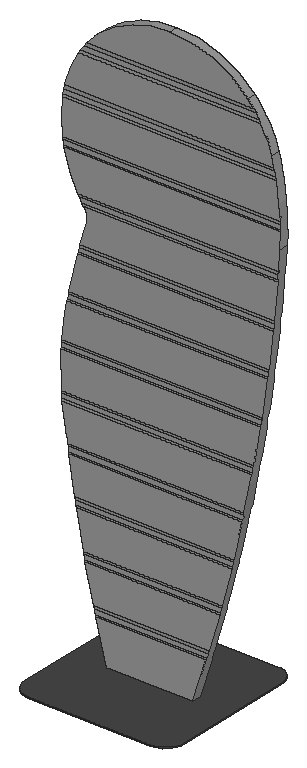
Revit family "Haworth_BuzziPlant_Doldi_AP_PRELIMINARY", category Furniture, Revit 2018
Family settings
  OmniClass Number = 23.40.70.14.64.21
  OmniClass Title = Systems Furniture
  Work Plane-Based = No
  Always vertical = Yes
  Cut with Voids When Loaded = No
  Shared = No
  Room Calculation Point = No
Parameters (values of type "Doldi")
  Warranty = "http://www.haworth.com/resources/product-info/warranties"
  Upholstery Finish [instance] = Haworth _ Fabric _ Undecided _ Screen
  Upholstery Depth = 27 mm  # constant formula
  URL - Product = "https://www.haworth.com/ap/en/products/office-partitions/buzziplant.html"
  URL = "https://www.haworth.com/ap/en.html"
  Size = "Verify Final Dim. w/ Haworth"  # constant formula
  Revision Number = "1"  # constant formula
  Model = "Buzzi Plant"  # constant formula
  Manufacturer = "Haworth"  # constant formula
  Description = "Haworth - BuzziPlant - Doldi"  # constant formula
  Base Finish [instance] = Haworth _ Paint _ Black BTR-9005
  Author = "Haworth (Abd Rahman)"  # constant formula
  Assembly Code = "E2020200"
  Actual Width = 680 mm  # constant formula
  Actual Height = 1792.982 mm  # constant formula
  Actual Depth = 490 mm  # constant formula
Reference planes
  plane 1 "Center F/B": y = 44.45
  plane 2: z = 0
  plane 3 "Back": y = 289.421
  plane 4 "Front": y = -200.521
  plane 5 "Top": z = 1792.982
  plane 6 "Right": x = 1080.528
  plane 7 "Left": x = 400.581
  plane 8: x = 740.554
  plane 9 "Front Surface": y = 30.988
  plane 10 "Back Surface": y = 57.912
  plane 11 "Base Top": z = 3
Forms (mm)
  Extrusion 1, solid, material "Haworth _ Paint _ Black BTR-9005" <- "Base Finish"
    sketch origin (0, 0, 0) x (1, 0, 0) y (0, 1, 0)
      loop
        arc (862.452, -200.521) -> (905.078, -182.864) -> (922.735, -140.238) r 60.283
        line (922.735, -140.238) -> (922.735, 229.096)
        arc (922.735, 229.096) -> (905.066, 271.752) -> (862.41, 289.421) r 60.325
        line (862.41, 289.421) -> (493.06, 289.421)
        arc (493.06, 289.421) -> (450.404, 271.752) -> (432.735, 229.096) r 60.325
        line (432.735, 229.096) -> (432.735, -140.196)
        arc (432.735, -140.196) -> (450.404, -182.852) -> (493.06, -200.521) r 60.325
        line (493.06, -200.521) -> (862.452, -200.521)
    from 0 to 3
  Extrusion 2, solid, material "Haworth _ Fabric _ Undecided _ Screen" <- "Upholstery Finish"
    sketch origin (0, 44.45, 0) x (1, 0, 0) y (0, 0, 1)
      loop
        arc (808.743, 3) -> (985.993, 662.251) -> (1077.699, 1338.727) r 5340.572
        arc (1077.699, 1338.727) -> (1075.974, 1465.7) -> (1052.947, 1590.579) r 753.391
        arc (1052.947, 1590.579) -> (1024.388, 1660.018) -> (979.721, 1720.369) r 304.8
        arc (979.721, 1720.369) -> (870.663, 1796.056) -> (740.554, 1822.4) r 328.485
        arc (740.554, 1822.4) -> (533.892, 1749.81) -> (416.649, 1564.789) r 333.988
        arc (416.649, 1564.789) -> (412.644, 1399.901) -> (475.132, 1247.259) r 402.354
        arc (475.132, 1247.259) -> (484.364, 1223.413) -> (482.272, 1197.928) r 57.15
        arc (482.272, 1197.928) -> (445.25, 1066.516) -> (416.947, 932.955) r 2075.624
        arc (416.947, 932.955) -> (403.649, 774.411) -> (419.661, 616.118) r 863.6
        arc (419.661, 616.118) -> (420.269, 613.037) -> (420.888, 609.959) r 874.018
        arc (420.888, 609.959) -> (422.873, 599.189) -> (424.47, 588.355) r 304.8
        arc (424.47, 588.355) -> (474.261, 293.303) -> (546.777, 3) r 3856.723
        line (546.777, 3) -> (808.743, 3)
    from -13.462 to 13.462
  Extrusion 3, void
    sketch origin (1080.528, 0, 0) x (0, 1, 0) y (0, 0, 1)
      loop
        line (64.955, 1589.497) -> (64.955, 1784.594) -> (56.228, 1690.328)
        arc (56.228, 1690.328) -> (55.904, 1683.001) -> (56.286, 1675.677) r 76.2
        line (56.286, 1675.677) -> (64.955, 1589.497)
    from -808.437 to 304.8
  Extrusion 4, void
    sketch origin (1080.528, 88.9, 0) x (0, -1, 0) y (0, 0, -1)
      loop
        line (65.671, -1589.497) -> (57.002, -1675.677)
        arc (57.002, -1675.677) -> (56.62, -1683.001) -> (56.944, -1690.328) r 76.2
        line (56.944, -1690.328) -> (65.671, -1784.594) -> (65.671, -1589.497)
    from -808.437 to 304.8
  Extrusion 5, void
    sketch origin (1080.528, 0, -139.7) x (0, 1, 0) y (0, 0, 1)
      loop
        line (64.955, 1589.497) -> (64.955, 1784.594) -> (56.228, 1690.328)
        arc (56.228, 1690.328) -> (55.904, 1683.001) -> (56.286, 1675.677) r 76.2
        line (56.286, 1675.677) -> (64.955, 1589.497)
    from -808.437 to 304.8
  Extrusion 6, void
    sketch origin (1080.528, 88.9, -139.7) x (0, -1, 0) y (0, 0, -1)
      loop
        line (65.671, -1589.497) -> (57.002, -1675.677)
        arc (57.002, -1675.677) -> (56.62, -1683.001) -> (56.944, -1690.328) r 76.2
        line (56.944, -1690.328) -> (65.671, -1784.594) -> (65.671, -1589.497)
    from -808.437 to 304.8
  Extrusion 7, void
    sketch origin (1080.528, -0.355, -280.001) x (0, 1, 0) y (0, 0, 1)
      loop
        line (64.955, 1589.497) -> (64.955, 1784.594) -> (56.228, 1690.328)
        arc (56.228, 1690.328) -> (55.904, 1683.001) -> (56.286, 1675.677) r 76.2
        line (56.286, 1675.677) -> (64.955, 1589.497)
    from -808.437 to 304.8
  Extrusion 8, void
    sketch origin (1080.528, 88.545, -280.001) x (0, -1, 0) y (0, 0, -1)
      loop
        line (65.671, -1589.497) -> (57.002, -1675.677)
        arc (57.002, -1675.677) -> (56.62, -1683.001) -> (56.944, -1690.328) r 76.2
        line (56.944, -1690.328) -> (65.671, -1784.594) -> (65.671, -1589.497)
    from -808.437 to 304.8
  Extrusion 9, void
    sketch origin (1080.528, -0.355, -420.001) x (0, 1, 0) y (0, 0, 1)
      loop
        line (64.955, 1589.497) -> (64.955, 1784.594) -> (56.228, 1690.328)
        arc (56.228, 1690.328) -> (55.904, 1683.001) -> (56.286, 1675.677) r 76.2
        line (56.286, 1675.677) -> (64.955, 1589.497)
    from -808.437 to 304.8
  Extrusion 10, void
    sketch origin (1080.528, 88.545, -420.001) x (0, -1, 0) y (0, 0, -1)
      loop
        line (65.671, -1589.497) -> (57.002, -1675.677)
        arc (57.002, -1675.677) -> (56.62, -1683.001) -> (56.944, -1690.328) r 76.2
        line (56.944, -1690.328) -> (65.671, -1784.594) -> (65.671, -1589.497)
    from -808.437 to 304.8
  Extrusion 11, void
    sketch origin (1080.528, -0.355, -560.001) x (0, 1, 0) y (0, 0, 1)
      loop
        line (64.955, 1589.497) -> (64.955, 1784.594) -> (56.228, 1690.328)
        arc (56.228, 1690.328) -> (55.904, 1683.001) -> (56.286, 1675.677) r 76.2
        line (56.286, 1675.677) -> (64.955, 1589.497)
    from -808.437 to 304.8
  Extrusion 12, void
    sketch origin (1080.528, 88.545, -560.001) x (0, -1, 0) y (0, 0, -1)
      loop
        line (65.671, -1589.497) -> (57.002, -1675.677)
        arc (57.002, -1675.677) -> (56.62, -1683.001) -> (56.944, -1690.328) r 76.2
        line (56.944, -1690.328) -> (65.671, -1784.594) -> (65.671, -1589.497)
    from -808.437 to 304.8
  Extrusion 13, void
    sketch origin (1080.528, -0.355, -700.001) x (0, 1, 0) y (0, 0, 1)
      loop
        line (64.955, 1589.497) -> (64.955, 1784.594) -> (56.228, 1690.328)
        arc (56.228, 1690.328) -> (55.904, 1683.001) -> (56.286, 1675.677) r 76.2
        line (56.286, 1675.677) -> (64.955, 1589.497)
    from -808.437 to 304.8
  Extrusion 14, void
    sketch origin (1080.528, 88.545, -700.001) x (0, -1, 0) y (0, 0, -1)
      loop
        line (65.671, -1589.497) -> (57.002, -1675.677)
        arc (57.002, -1675.677) -> (56.62, -1683.001) -> (56.944, -1690.328) r 76.2
        line (56.944, -1690.328) -> (65.671, -1784.594) -> (65.671, -1589.497)
    from -808.437 to 304.8
  Extrusion 15, void
    sketch origin (1080.528, -0.355, -840.001) x (0, 1, 0) y (0, 0, 1)
      loop
        line (64.955, 1589.497) -> (64.955, 1784.594) -> (56.228, 1690.328)
        arc (56.228, 1690.328) -> (55.904, 1683.001) -> (56.286, 1675.677) r 76.2
        line (56.286, 1675.677) -> (64.955, 1589.497)
    from -808.437 to 304.8
  Extrusion 16, void
    sketch origin (1080.528, 88.545, -840.001) x (0, -1, 0) y (0, 0, -1)
      loop
        line (65.671, -1589.497) -> (57.002, -1675.677)
        arc (57.002, -1675.677) -> (56.62, -1683.001) -> (56.944, -1690.328) r 76.2
        line (56.944, -1690.328) -> (65.671, -1784.594) -> (65.671, -1589.497)
    from -808.437 to 304.8
  Extrusion 17, void
    sketch origin (1080.528, -0.351, -980.001) x (0, 1, 0) y (0, 0, 1)
      loop
        line (64.955, 1589.497) -> (64.955, 1784.594) -> (56.228, 1690.328)
        arc (56.228, 1690.328) -> (55.904, 1683.001) -> (56.286, 1675.677) r 76.2
        line (56.286, 1675.677) -> (64.955, 1589.497)
    from -808.437 to 304.8
  Extrusion 18, void
    sketch origin (1080.528, 88.549, -980.001) x (0, -1, 0) y (0, 0, -1)
      loop
        line (65.671, -1589.497) -> (57.002, -1675.677)
        arc (57.002, -1675.677) -> (56.62, -1683.001) -> (56.944, -1690.328) r 76.2
        line (56.944, -1690.328) -> (65.671, -1784.594) -> (65.671, -1589.497)
    from -808.437 to 304.8
  Extrusion 19, void
    sketch origin (1080.528, -0.355, -1120.001) x (0, 1, 0) y (0, 0, 1)
      loop
        line (64.955, 1589.497) -> (64.955, 1784.594) -> (56.228, 1690.328)
        arc (56.228, 1690.328) -> (55.904, 1683.001) -> (56.286, 1675.677) r 76.2
        line (56.286, 1675.677) -> (64.955, 1589.497)
    from -808.437 to 304.8
  Extrusion 20, void
    sketch origin (1080.528, 88.545, -1120.001) x (0, -1, 0) y (0, 0, -1)
      loop
        line (65.671, -1589.497) -> (57.002, -1675.677)
        arc (57.002, -1675.677) -> (56.62, -1683.001) -> (56.944, -1690.328) r 76.2
        line (56.944, -1690.328) -> (65.671, -1784.594) -> (65.671, -1589.497)
    from -808.437 to 304.8
  Extrusion 21, void
    sketch origin (1080.528, -0.355, -1260.001) x (0, 1, 0) y (0, 0, 1)
      loop
        line (64.955, 1589.497) -> (64.955, 1784.594) -> (56.228, 1690.328)
        arc (56.228, 1690.328) -> (55.904, 1683.001) -> (56.286, 1675.677) r 76.2
        line (56.286, 1675.677) -> (64.955, 1589.497)
    from -808.437 to 304.8
  Extrusion 22, void
    sketch origin (1080.528, 88.545, -1260.001) x (0, -1, 0) y (0, 0, -1)
      loop
        line (65.671, -1589.497) -> (57.002, -1675.677)
        arc (57.002, -1675.677) -> (56.62, -1683.001) -> (56.944, -1690.328) r 76.2
        line (56.944, -1690.328) -> (65.671, -1784.594) -> (65.671, -1589.497)
    from -808.437 to 304.8
  Extrusion 23, void
    sketch origin (1080.528, -0.355, -1400.001) x (0, 1, 0) y (0, 0, 1)
      loop
        line (64.955, 1589.497) -> (64.955, 1784.594) -> (56.228, 1690.328)
        arc (56.228, 1690.328) -> (55.904, 1683.001) -> (56.286, 1675.677) r 76.2
        line (56.286, 1675.677) -> (64.955, 1589.497)
    from -808.437 to 304.8
  Extrusion 24, void
    sketch origin (1080.528, 88.545, -1400.001) x (0, -1, 0) y (0, 0, -1)
      loop
        line (65.671, -1589.497) -> (57.002, -1675.677)
        arc (57.002, -1675.677) -> (56.62, -1683.001) -> (56.944, -1690.328) r 76.2
        line (56.944, -1690.328) -> (65.671, -1784.594) -> (65.671, -1589.497)
    from -808.437 to 304.8
  Extrusion 25, void
    sketch origin (1080.528, -0.355, -1540.001) x (0, 1, 0) y (0, 0, 1)
      loop
        line (64.955, 1589.497) -> (64.955, 1784.594) -> (56.228, 1690.328)
        arc (56.228, 1690.328) -> (55.904, 1683.001) -> (56.286, 1675.677) r 76.2
        line (56.286, 1675.677) -> (64.955, 1589.497)
    from -808.437 to 304.8
  Extrusion 26, void
    sketch origin (1080.528, 88.545, -1540.001) x (0, -1, 0) y (0, 0, -1)
      loop
        line (65.671, -1589.497) -> (57.002, -1675.677)
        arc (57.002, -1675.677) -> (56.62, -1683.001) -> (56.944, -1690.328) r 76.2
        line (56.944, -1690.328) -> (65.671, -1784.594) -> (65.671, -1589.497)
    from -808.437 to 304.8
Cuts and joins
  Extrusion 3, Extrusion 4, Extrusion 5, Extrusion 6, Extrusion 7, Extrusion 8, Extrusion 9, Extrusion 10, Extrusion 11, Extrusion 12, Extrusion 13, Extrusion 14, Extrusion 15, Extrusion 16, Extrusion 17, Extrusion 18, Extrusion 19, Extrusion 20, Extrusion 21, Extrusion 22, Extrusion 23, Extrusion 24, Extrusion 25, Extrusion 26 cuts Extrusion 2
Lines and regions (mm)
  Masking region 1
    outline origin (0, 0, 0) x (1, 0, 0) y (0, 1, 0)
      loop
        line (922.735, -140.238) -> (922.735, 30.988) -> (1080.528, 30.988) -> (1080.528, 57.912) -> (922.735, 57.912) -> (922.735, 229.096)
        arc (922.735, 229.096) -> (905.066, 271.752) -> (862.41, 289.421) r 60.325
        line (862.41, 289.421) -> (493.06, 289.421)
        arc (493.06, 289.421) -> (450.404, 271.752) -> (432.735, 229.096) r 60.325
        line (432.735, 229.096) -> (432.735, 57.912) -> (400.581, 57.912) -> (400.581, 30.988) -> (432.735, 30.988) -> (432.735, -140.196)
        arc (432.735, -140.196) -> (450.404, -182.852) -> (493.06, -200.521) r 60.325
        line (493.06, -200.521) -> (862.452, -200.521)
        arc (862.452, -200.521) -> (905.078, -182.864) -> (922.735, -140.238) r 60.283
  symbolic lines
    curve 1: line (922.735, 57.912, 0) -> (432.735, 57.912, 0)
    curve 2: line (432.735, 30.988, 0) -> (922.735, 30.988, 0)
Dimensions and locks
  "Actual Width": plane 7 "Left" to plane 6 "Right"
  "Actual Depth": plane 4 "Front" to plane 3 "Back"
  equal spacing: plane 4 "Front", plane 1 "Center F/B", plane 3 "Back"
  "Actual Height": plane 5 "Top" to level
  equal spacing: plane 7 "Left", plane 8, plane 6 "Right"
  plane 10 "Back Surface" to plane 9 "Front Surface" = 26.924 mm
  aligned and locked: Extrusion 1 sketch curve to plane 3 "Back"
  aligned and locked: Extrusion 1 sketch curve to plane 4 "Front"
  aligned and locked: Extrusion 1 to plane 2
  aligned and locked: plane 11 "Base Top" to Extrusion 1
  aligned and locked: plane 10 "Back Surface" to Extrusion 2
  aligned and locked: Extrusion 2 to plane 9 "Front Surface"
Automatic sketch dimensions
  Extrusion 1 sketch curve to plane 7 "Left" = 32.154 mm
  Extrusion 1 sketch curve to Extrusion 1 sketch curve = 60.325 mm  (x2)
  Extrusion 1 sketch curve to plane 3 "Back" = 60.325 mm
  Extrusion 1 sketch curve to plane 8 = 121.855 mm
  Extrusion 1 sketch curve to plane 4 "Front" = 60.283 mm
  Extrusion 2 sketch curve to plane 11 "Base Top" = 0 mm
  plane 8 to Extrusion 2 sketch curve = 0 mm  (x2)
  Extrusion 2 sketch curve to plane 7 "Left" = 146.195 mm
  Extrusion 2 sketch curve to plane 7 "Left" = 27.222 mm
  plane 7 "Left" to Extrusion 2 sketch curve = 74.386 mm
  plane 7 "Left" to Extrusion 2 sketch curve = 278.404 mm
  Extrusion 2 sketch curve to plane 5 "Top" = 76.533 mm
  Extrusion 2 sketch curve to Extrusion 2 sketch curve = 4371.676 mm
  Extrusion 2 sketch curve to plane 8 = 1.212 mm
  Extrusion 2 sketch curve to plane 8 = 1.233 mm
  Extrusion 2 sketch curve to plane 8 = 18.37 mm
  Extrusion 2 sketch curve to Extrusion 2 sketch curve = 49.417 mm
  Extrusion 2 sketch curve to plane 8 = 68.188 mm
  plane 6 "Right" to Extrusion 2 sketch curve = 186.69 mm
  Extrusion 2 sketch curve to Extrusion 2 sketch curve = 10.224 mm
  plane 11 "Base Top" to Extrusion 2 sketch curve = 566.677 mm
  Extrusion 2 sketch curve to Extrusion 2 sketch curve = 1183.091 mm
  Extrusion 2 sketch curve to plane 5 "Top" = 710.871 mm
  Extrusion 2 sketch curve to Extrusion 2 sketch curve = 1788.922 mm
  plane 11 "Base Top" to Extrusion 2 sketch curve = 546.333 mm
  level to Extrusion 2 sketch curve = 781.807 mm
  Extrusion 2 sketch curve to Extrusion 2 sketch curve = 1.999 mm
  Extrusion 2 sketch curve to plane 5 "Top" = 577.756 mm
  Extrusion 2 sketch curve to Extrusion 2 sketch curve = 176.786 mm
  Extrusion 2 sketch curve to Extrusion 2 sketch curve = 134.053 mm
  Extrusion 2 sketch curve to Extrusion 2 sketch curve = 15.634 mm
  Extrusion 2 sketch curve to Extrusion 2 sketch curve = 5.502 mm
  Extrusion 2 sketch curve to Extrusion 2 sketch curve = 16.328 mm
  Extrusion 2 sketch curve to Extrusion 2 sketch curve = 54.469 mm
  Extrusion 2 sketch curve to Extrusion 2 sketch curve = 0 mm  (x7)
  Extrusion 3 sketch curve to plane 10 "Back Surface" = 1.684 mm
  Extrusion 3 sketch curve to plane 10 "Back Surface" = 1.626 mm
  plane 10 "Back Surface" to Extrusion 3 sketch curve = 7.043 mm
  plane 10 "Back Surface" to Extrusion 3 sketch curve = 74.191 mm
  Extrusion 3 sketch curve to plane 5 "Top" = 203.485 mm
  Extrusion 3 sketch curve to Extrusion 3 sketch curve = 86.18 mm
  Extrusion 3 sketch curve to Extrusion 3 sketch curve = 7.626 mm
  Extrusion 3 sketch curve to plane 5 "Top" = 8.388 mm
  Extrusion 4 sketch curve to plane 9 "Front Surface" = 0.968 mm
  Extrusion 4 sketch curve to plane 9 "Front Surface" = 0.91 mm
  plane 9 "Front Surface" to Extrusion 4 sketch curve = 7.759 mm
  plane 9 "Front Surface" to Extrusion 4 sketch curve = 74.907 mm
  plane 5 "Top" to Extrusion 4 sketch curve = 203.485 mm
  Extrusion 4 sketch curve to Extrusion 4 sketch curve = 86.18 mm
  Extrusion 4 sketch curve to Extrusion 4 sketch curve = 7.626 mm
  plane 5 "Top" to Extrusion 4 sketch curve = 8.388 mm
  Extrusion 5 sketch curve to plane 10 "Back Surface" = 1.684 mm
  Extrusion 5 sketch curve to plane 10 "Back Surface" = 1.626 mm
  plane 10 "Back Surface" to Extrusion 5 sketch curve = 7.043 mm
  plane 10 "Back Surface" to Extrusion 5 sketch curve = 74.191 mm
  Extrusion 5 sketch curve to plane 5 "Top" = 343.185 mm
  Extrusion 5 sketch curve to Extrusion 5 sketch curve = 86.18 mm
  Extrusion 5 sketch curve to Extrusion 5 sketch curve = 7.626 mm
  Extrusion 5 sketch curve to Extrusion 5 sketch curve = 94.266 mm
  Extrusion 6 sketch curve to plane 9 "Front Surface" = 0.968 mm
  Extrusion 6 sketch curve to plane 9 "Front Surface" = 0.91 mm
  plane 9 "Front Surface" to Extrusion 6 sketch curve = 7.759 mm
  plane 9 "Front Surface" to Extrusion 6 sketch curve = 74.907 mm
  plane 5 "Top" to Extrusion 6 sketch curve = 343.185 mm
  Extrusion 6 sketch curve to Extrusion 6 sketch curve = 86.18 mm
  Extrusion 6 sketch curve to Extrusion 6 sketch curve = 7.626 mm
  Extrusion 6 sketch curve to Extrusion 6 sketch curve = 94.266 mm
  Extrusion 7 sketch curve to plane 10 "Back Surface" = 2.039 mm
  Extrusion 7 sketch curve to plane 10 "Back Surface" = 1.981 mm
  plane 10 "Back Surface" to Extrusion 7 sketch curve = 6.688 mm
  plane 10 "Back Surface" to Extrusion 7 sketch curve = 73.837 mm
  Extrusion 7 sketch curve to plane 5 "Top" = 483.486 mm
  Extrusion 7 sketch curve to Extrusion 7 sketch curve = 86.18 mm
  Extrusion 7 sketch curve to Extrusion 7 sketch curve = 7.626 mm
  Extrusion 7 sketch curve to Extrusion 7 sketch curve = 94.266 mm
  Extrusion 8 sketch curve to plane 9 "Front Surface" = 0.614 mm
  Extrusion 8 sketch curve to plane 9 "Front Surface" = 0.556 mm
  plane 9 "Front Surface" to Extrusion 8 sketch curve = 8.113 mm
  plane 9 "Front Surface" to Extrusion 8 sketch curve = 75.262 mm
  plane 5 "Top" to Extrusion 8 sketch curve = 483.486 mm
  Extrusion 8 sketch curve to Extrusion 8 sketch curve = 86.18 mm
  Extrusion 8 sketch curve to Extrusion 8 sketch curve = 7.626 mm
  Extrusion 8 sketch curve to Extrusion 8 sketch curve = 94.266 mm
  Extrusion 9 sketch curve to plane 10 "Back Surface" = 2.039 mm
  Extrusion 9 sketch curve to plane 10 "Back Surface" = 1.981 mm
  plane 10 "Back Surface" to Extrusion 9 sketch curve = 6.688 mm
  plane 10 "Back Surface" to Extrusion 9 sketch curve = 73.837 mm
  Extrusion 9 sketch curve to plane 5 "Top" = 623.487 mm
  Extrusion 9 sketch curve to Extrusion 9 sketch curve = 86.18 mm
  Extrusion 9 sketch curve to Extrusion 9 sketch curve = 7.626 mm
  Extrusion 9 sketch curve to Extrusion 9 sketch curve = 94.266 mm
  Extrusion 10 sketch curve to plane 9 "Front Surface" = 0.614 mm
  Extrusion 10 sketch curve to plane 9 "Front Surface" = 0.556 mm
  plane 9 "Front Surface" to Extrusion 10 sketch curve = 8.113 mm
  plane 9 "Front Surface" to Extrusion 10 sketch curve = 75.262 mm
  plane 5 "Top" to Extrusion 10 sketch curve = 623.487 mm
  Extrusion 10 sketch curve to Extrusion 10 sketch curve = 86.18 mm
  Extrusion 10 sketch curve to Extrusion 10 sketch curve = 7.626 mm
  Extrusion 10 sketch curve to Extrusion 10 sketch curve = 94.266 mm
  Extrusion 11 sketch curve to plane 10 "Back Surface" = 2.039 mm
  Extrusion 11 sketch curve to plane 10 "Back Surface" = 1.981 mm
  plane 10 "Back Surface" to Extrusion 11 sketch curve = 6.688 mm
  plane 10 "Back Surface" to Extrusion 11 sketch curve = 73.837 mm
  Extrusion 11 sketch curve to plane 5 "Top" = 763.486 mm
  Extrusion 11 sketch curve to Extrusion 11 sketch curve = 86.18 mm
  Extrusion 11 sketch curve to Extrusion 11 sketch curve = 7.626 mm
  Extrusion 11 sketch curve to Extrusion 11 sketch curve = 94.266 mm
  Extrusion 12 sketch curve to plane 9 "Front Surface" = 0.614 mm
  Extrusion 12 sketch curve to plane 9 "Front Surface" = 0.556 mm
  plane 9 "Front Surface" to Extrusion 12 sketch curve = 8.113 mm
  plane 9 "Front Surface" to Extrusion 12 sketch curve = 75.262 mm
  plane 5 "Top" to Extrusion 12 sketch curve = 763.486 mm
  Extrusion 12 sketch curve to Extrusion 12 sketch curve = 86.18 mm
  Extrusion 12 sketch curve to Extrusion 12 sketch curve = 7.626 mm
  Extrusion 12 sketch curve to Extrusion 12 sketch curve = 94.266 mm
  Extrusion 13 sketch curve to plane 10 "Back Surface" = 2.039 mm
  Extrusion 13 sketch curve to plane 10 "Back Surface" = 1.981 mm
  plane 10 "Back Surface" to Extrusion 13 sketch curve = 6.688 mm
  plane 10 "Back Surface" to Extrusion 13 sketch curve = 73.837 mm
  plane 11 "Base Top" to Extrusion 13 sketch curve = 886.496 mm
  Extrusion 13 sketch curve to Extrusion 13 sketch curve = 86.18 mm
  Extrusion 13 sketch curve to Extrusion 13 sketch curve = 7.626 mm
  Extrusion 13 sketch curve to Extrusion 13 sketch curve = 94.266 mm
  Extrusion 14 sketch curve to plane 9 "Front Surface" = 0.614 mm
  Extrusion 14 sketch curve to plane 9 "Front Surface" = 0.556 mm
  plane 9 "Front Surface" to Extrusion 14 sketch curve = 8.113 mm
  plane 9 "Front Surface" to Extrusion 14 sketch curve = 75.262 mm
  Extrusion 14 sketch curve to plane 11 "Base Top" = 886.496 mm
  Extrusion 14 sketch curve to Extrusion 14 sketch curve = 86.18 mm
  Extrusion 14 sketch curve to Extrusion 14 sketch curve = 7.626 mm
  Extrusion 14 sketch curve to Extrusion 14 sketch curve = 94.266 mm
  Extrusion 15 sketch curve to plane 10 "Back Surface" = 2.039 mm
  Extrusion 15 sketch curve to plane 10 "Back Surface" = 1.981 mm
  plane 10 "Back Surface" to Extrusion 15 sketch curve = 6.688 mm
  plane 10 "Back Surface" to Extrusion 15 sketch curve = 73.837 mm
  plane 11 "Base Top" to Extrusion 15 sketch curve = 746.496 mm
  Extrusion 15 sketch curve to Extrusion 15 sketch curve = 86.18 mm
  Extrusion 15 sketch curve to Extrusion 15 sketch curve = 7.626 mm
  Extrusion 15 sketch curve to Extrusion 15 sketch curve = 94.266 mm
  Extrusion 16 sketch curve to plane 9 "Front Surface" = 0.614 mm
  Extrusion 16 sketch curve to plane 9 "Front Surface" = 0.556 mm
  plane 9 "Front Surface" to Extrusion 16 sketch curve = 8.113 mm
  plane 9 "Front Surface" to Extrusion 16 sketch curve = 75.262 mm
  Extrusion 16 sketch curve to plane 11 "Base Top" = 746.496 mm
  Extrusion 16 sketch curve to Extrusion 16 sketch curve = 86.18 mm
  Extrusion 16 sketch curve to Extrusion 16 sketch curve = 7.626 mm
  Extrusion 16 sketch curve to Extrusion 16 sketch curve = 94.266 mm
  Extrusion 17 sketch curve to plane 10 "Back Surface" = 2.035 mm
  Extrusion 17 sketch curve to plane 10 "Back Surface" = 1.977 mm
  plane 10 "Back Surface" to Extrusion 17 sketch curve = 6.692 mm
  plane 10 "Back Surface" to Extrusion 17 sketch curve = 73.841 mm
  plane 11 "Base Top" to Extrusion 17 sketch curve = 606.496 mm
  Extrusion 17 sketch curve to Extrusion 17 sketch curve = 86.18 mm
  Extrusion 17 sketch curve to Extrusion 17 sketch curve = 7.626 mm
  Extrusion 17 sketch curve to Extrusion 17 sketch curve = 94.266 mm
  Extrusion 18 sketch curve to plane 9 "Front Surface" = 0.618 mm
  Extrusion 18 sketch curve to plane 9 "Front Surface" = 0.56 mm
  plane 9 "Front Surface" to Extrusion 18 sketch curve = 8.109 mm
  plane 9 "Front Surface" to Extrusion 18 sketch curve = 75.258 mm
  Extrusion 18 sketch curve to plane 11 "Base Top" = 606.496 mm
  Extrusion 18 sketch curve to Extrusion 18 sketch curve = 86.18 mm
  Extrusion 18 sketch curve to Extrusion 18 sketch curve = 7.626 mm
  Extrusion 18 sketch curve to Extrusion 18 sketch curve = 94.266 mm
  Extrusion 19 sketch curve to plane 10 "Back Surface" = 2.039 mm
  Extrusion 19 sketch curve to plane 10 "Back Surface" = 1.981 mm
  plane 10 "Back Surface" to Extrusion 19 sketch curve = 6.688 mm
  plane 10 "Back Surface" to Extrusion 19 sketch curve = 73.837 mm
  plane 11 "Base Top" to Extrusion 19 sketch curve = 466.496 mm
  Extrusion 19 sketch curve to Extrusion 19 sketch curve = 86.18 mm
  Extrusion 19 sketch curve to Extrusion 19 sketch curve = 7.626 mm
  Extrusion 19 sketch curve to Extrusion 19 sketch curve = 94.266 mm
  Extrusion 20 sketch curve to plane 9 "Front Surface" = 0.614 mm
  Extrusion 20 sketch curve to plane 9 "Front Surface" = 0.556 mm
  plane 9 "Front Surface" to Extrusion 20 sketch curve = 8.113 mm
  plane 9 "Front Surface" to Extrusion 20 sketch curve = 75.262 mm
  Extrusion 20 sketch curve to plane 11 "Base Top" = 466.496 mm
  Extrusion 20 sketch curve to Extrusion 20 sketch curve = 86.18 mm
  Extrusion 20 sketch curve to Extrusion 20 sketch curve = 7.626 mm
  Extrusion 20 sketch curve to Extrusion 20 sketch curve = 94.266 mm
  Extrusion 21 sketch curve to plane 10 "Back Surface" = 2.039 mm
  Extrusion 21 sketch curve to plane 10 "Back Surface" = 1.981 mm
  plane 10 "Back Surface" to Extrusion 21 sketch curve = 6.688 mm
  plane 10 "Back Surface" to Extrusion 21 sketch curve = 73.837 mm
  plane 11 "Base Top" to Extrusion 21 sketch curve = 326.496 mm
  Extrusion 21 sketch curve to Extrusion 21 sketch curve = 86.18 mm
  Extrusion 21 sketch curve to Extrusion 21 sketch curve = 7.626 mm
  Extrusion 21 sketch curve to Extrusion 21 sketch curve = 94.266 mm
  Extrusion 22 sketch curve to plane 9 "Front Surface" = 0.614 mm
  Extrusion 22 sketch curve to plane 9 "Front Surface" = 0.556 mm
  plane 9 "Front Surface" to Extrusion 22 sketch curve = 8.113 mm
  plane 9 "Front Surface" to Extrusion 22 sketch curve = 75.262 mm
  Extrusion 22 sketch curve to plane 11 "Base Top" = 326.496 mm
  Extrusion 22 sketch curve to Extrusion 22 sketch curve = 86.18 mm
  Extrusion 22 sketch curve to Extrusion 22 sketch curve = 7.626 mm
  Extrusion 22 sketch curve to Extrusion 22 sketch curve = 94.266 mm
  Extrusion 23 sketch curve to plane 10 "Back Surface" = 2.039 mm
  Extrusion 23 sketch curve to plane 10 "Back Surface" = 1.981 mm
  plane 10 "Back Surface" to Extrusion 23 sketch curve = 6.688 mm
  plane 10 "Back Surface" to Extrusion 23 sketch curve = 73.837 mm
  plane 11 "Base Top" to Extrusion 23 sketch curve = 186.496 mm
  Extrusion 23 sketch curve to Extrusion 23 sketch curve = 86.18 mm
  Extrusion 23 sketch curve to Extrusion 23 sketch curve = 7.626 mm
  Extrusion 23 sketch curve to Extrusion 23 sketch curve = 94.266 mm
  Extrusion 24 sketch curve to plane 9 "Front Surface" = 0.614 mm
  Extrusion 24 sketch curve to plane 9 "Front Surface" = 0.556 mm
  plane 9 "Front Surface" to Extrusion 24 sketch curve = 8.113 mm
  plane 9 "Front Surface" to Extrusion 24 sketch curve = 75.262 mm
  Extrusion 24 sketch curve to plane 11 "Base Top" = 186.496 mm
  Extrusion 24 sketch curve to Extrusion 24 sketch curve = 86.18 mm
  Extrusion 24 sketch curve to Extrusion 24 sketch curve = 7.626 mm
  Extrusion 24 sketch curve to Extrusion 24 sketch curve = 94.266 mm
  Extrusion 25 sketch curve to plane 10 "Back Surface" = 2.039 mm
  Extrusion 25 sketch curve to plane 10 "Back Surface" = 1.981 mm
  plane 10 "Back Surface" to Extrusion 25 sketch curve = 6.688 mm
  plane 10 "Back Surface" to Extrusion 25 sketch curve = 73.837 mm
  plane 11 "Base Top" to Extrusion 25 sketch curve = 46.496 mm
  Extrusion 25 sketch curve to Extrusion 25 sketch curve = 86.18 mm
  Extrusion 25 sketch curve to Extrusion 25 sketch curve = 7.626 mm
  Extrusion 25 sketch curve to Extrusion 25 sketch curve = 94.266 mm
  Extrusion 26 sketch curve to plane 9 "Front Surface" = 0.614 mm
  Extrusion 26 sketch curve to plane 9 "Front Surface" = 0.556 mm
  plane 9 "Front Surface" to Extrusion 26 sketch curve = 8.113 mm
  plane 9 "Front Surface" to Extrusion 26 sketch curve = 75.262 mm
  Extrusion 26 sketch curve to plane 11 "Base Top" = 46.496 mm
  Extrusion 26 sketch curve to Extrusion 26 sketch curve = 86.18 mm
  Extrusion 26 sketch curve to Extrusion 26 sketch curve = 7.626 mm
  Extrusion 26 sketch curve to Extrusion 26 sketch curve = 94.266 mm
  plane 4 "Front" to Masking region 1 sketch curve = 0 mm
  Masking region 1 sketch curve to plane 4 "Front" = 60.283 mm
  Masking region 1 sketch curve to plane 7 "Left" = 92.479 mm
  Masking region 1 sketch curve to plane 4 "Front" = 60.325 mm
  Masking region 1 sketch curve to plane 3 "Back" = 60.325 mm  (x2)
  Masking region 1 sketch curve to plane 3 "Back" = 0 mm
  Masking region 1 sketch curve to plane 7 "Left" = 0 mm
  Masking region 1 sketch curve to plane 9 "Front Surface" = 0 mm  (x2)
  Masking region 1 sketch curve to plane 10 "Back Surface" = 0 mm  (x2)
  Masking region 1 sketch curve to plane 8 = 121.855 mm
  Masking region 1 sketch curve to plane 6 "Right" = 0 mm
  Masking region 1 sketch curve to plane 8 = 121.897 mm
  Masking region 1 sketch curve to plane 7 "Left" = 32.154 mm
  curve 1 to plane 10 "Back Surface" = 0 mm
  curve 2 to plane 9 "Front Surface" = 0 mm
  curve 1 to plane 7 "Left" = 32.154 mm
  curve 2 to curve 1 = 0 mm
  curve 2 to plane 6 "Right" = 157.793 mm
  curve 1 to curve 2 = 0 mm
